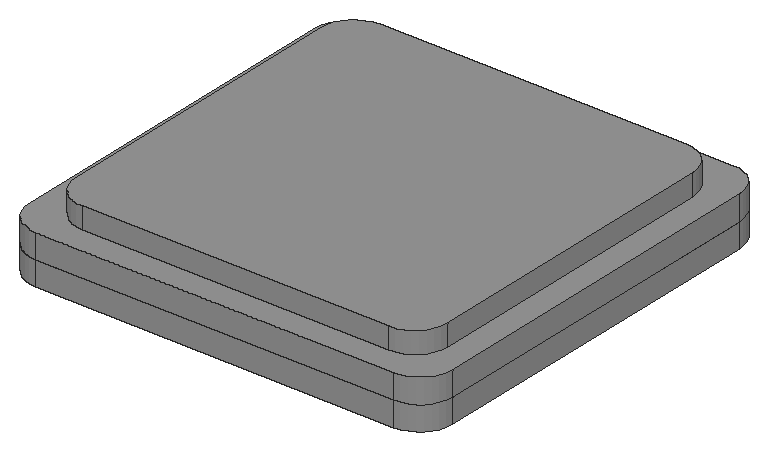
Revit family "FMS2_63_UN_Surface-mounted_ETK", category Lighting Fixtures, Revit 2019 (continued)
Definition of nested family "FMS.2 - Lightsource"
  Types (14, lengths in mm): name | Wattage Comments | Wattage | built-in parameter 1150134 | Photometric Web File | built-in parameter 1150142 | built-in parameter 1150105 | Lumens | built-in parameter 1150107 | built-in parameter 1150106 | Apparent Load
    FMS.1410.10 - Ø400 / 38W / 2800lm / 4000K | "38W" | 18.8499 W | 12 | "FMS.1410.10.ies" | "IESNA:LM-63-2002\r\n[TEST] /2015\r\n[TESTLAB] ies2eulumdat.appspot.com\r\n[ISSUEDATE] 2021-10-05T13:47:42.140\r\n[MANUFAC] www.etk.nl\r\n[LUMCAT] FMS.1410.10\r\n[LUMINAIRE] FMS.1 LED 38W 4000K 2800lm ø400 Ledeshi Slice circle IV niet dimbaar\r\n[LAMPCAT] LED\r\n[LAMP] LED\r\nTILT=NONE\r\n1\t2862\t1\t181\t72\t1\t2\t-0.400\t-0.400\t0\r\n1.0\t1.0\t15.60\r\n0\t 0.5\t 1\t 1.5\t 2\t 2.5\t 3\t 3.5\t 4\t 4.5\r\n5\t 5.5\t 6\t 6.5\t 7\t 7.5\t 8\t 8.5\t 9\t 9.5\r\n10\t 10.5\t 11\t 11.5\t 12\t 12.5\t 13\t 13.5\t 14\t 14.5\r\n15\t 15.5\t 16\t 16.5\t 17\t 17.5\t 18\t 18.5\t 19\t 19.5\r\n20\t 20.5\t 21\t 21.5\t 22\t 22.5\t 23\t 23.5\t 24\t 24.5\r\n25\t 25.5\t 26\t 26.5\t 27\t 27.5\t 28\t 28.5\t 29\t 29.5\r\n30\t 30.5\t 31\t 31.5\t 32\t 32.5\t 33\t 33.5\t 34\t 34.5\r\n35\t 35.5\t 36\t 36.5\t 37\t 37.5\t 38\t 38.5\t 39\t 39.5\r\n40\t 40.5\t 41\t 41.5\t 42\t 42.5\t 43\t 43.5\t 44\t 44.5\r\n45\t 45.5\t 46\t 46.5\t 47\t 47.5\t 48\t 48.5\t 49\t 49.5\r\n50\t 50.5\t 51\t 51.5\t 52\t 52.5\t 53\t 53.5\t 54\t 54.5\r\n55\t 55.5\t 56\t 56.5\t 57\t 57.5\t 58\t 58.5\t 59\t 59.5\r\n60\t 60.5\t 61\t 61.5\t 62\t 62.5\t 63\t 63.5\t 64\t 64.5\r\n65\t 65.5\t 66\t 66.5\t 67\t 67.5\t 68\t 68.5\t 69\t 69.5\r\n70\t 70.5\t 71\t 71.5\t 72\t 72.5\t 73\t 73.5\t 74\t 74.5\r\n75\t 75.5\t 76\t 76.5\t 77\t 77.5\t 78\t 78.5\t 79\t 79.5\r\n80\t 80.5\t 81\t 81.5\t 82\t 82.5\t 83\t 83.5\t 84\t 84.5\r\n85\t 85.5\t 86\t 86.5\t 87\t 87.5\t 88\t 88.5\t 89\t 89.5\r\n90\r\n0\t 5\t 10\t 15\t 20\t 25\t 30\t 35\t 40\t 45\r\n50\t 55\t 60\t 65\t 70\t 75\t 80\t 85\t 90\t 95\r\n100\t 105\t 110\t 115\t 120\t 125\t 130\t 135\t 140\t 145\r\n150\t 155\t 160\t 165\t 170\t 175\t 180\t 185\t 190\t 195\r\n200\t 205\t 210\t 215\t 220\t 225\t 230\t 235\t 240\t 245\r\n250\t 255\t 260\t 265\t 270\t 275\t 280\t 285\t 290\t 295\r\n300\t 305\t 310\t 315\t 320\t 325\t 330\t 335\t 340\t 345\r\n350\t 355\r\n985.1004\t984.2418\t983.3832\t983.6694\t983.6694\t983.6694\t983.6694\t983.097\t982.2384\t981.3798\r\n980.5212\t979.9488\t979.3764\t978.2316\t976.8006\t975.6558\t974.511\t972.7938\t971.0766\t969.6456\r\n968.2146\t966.2112\t964.2078\t962.4906\t960.4872\t958.4838\t956.4804\t954.477\t952.4736\t950.184\r\n947.8944\t945.0324\t942.4566\t939.5946\t936.7326\t933.8706\t930.7224\t927.288\t923.8536\t920.9916\r\n918.4158\t914.6952\t910.9746\t907.254\t903.5334\t899.8128\t896.0922\t891.7992\t887.5062\t883.4994\r\n879.2064\t875.1996\t870.9066\t866.8998\t862.6068\t857.7414\t853.1622\t848.0106\t842.859\t837.9936\r\n833.1282\t828.549\t823.9698\t819.1044\t813.9528\t808.515\t803.0772\t797.9256\t792.774\t787.05\r\n781.326\t775.602\t770.1642\t764.154\t758.1438\t752.706\t746.982\t740.9718\t734.9616\t728.6652\r\n722.655\t716.6448\t710.6346\t704.3382\t698.328\t692.0316\t685.7352\t678.8664\t672.2838\t665.415\r\n658.5462\t651.9636\t645.381\t638.7984\t632.502\t625.347\t618.192\t611.3232\t604.1682\t597.5856\r\n590.7168\t583.5618\t576.4068\t568.9656\t561.5244\t554.3694\t546.9282\t539.487\t532.0458\t524.6046\r\n517.1634\t510.0084\t502.5672\t495.126\t487.6848\t480.2436\t472.8024\t465.075\t457.0614\t449.334\r\n441.3204\t433.8792\t426.1518\t418.1382\t410.1246\t402.3972\t394.3836\t386.37\t378.3564\t370.629\r\n362.6154\t354.6018\t346.5882\t338.5746\t330.8472\t322.5474\t314.5338\t306.8064\t298.7928\t291.0654\r\n283.0804\t275.0096\t266.9387\t258.9824\t251.0546\t243.3272\t235.6285\t227.8152\t220.0019\t212.4176\r\n204.8333\t197.3349\t189.8651\t182.5384\t175.2116\t167.8563\t160.5296\t153.6608\t146.792\t139.9232\r\n133.0544\t126.4432\t119.8319\t113.4783\t107.1247\t100.9427\t94.7608\t88.9223\t83.0552\t77.3885\r\n71.7503\t66.4556\t61.1609\t56.5245\t51.8594\t47.223\t42.5866\t39.8677\t37.1488\t36.4046\r\n35.6319\r\n985.1004\t984.2418\t983.3832\t983.3832\t983.3832\t983.3832\t983.3832\t982.5246\t981.666\t980.8074\r\n979.9488\t979.3764\t978.804\t977.373\t975.942\t974.7972\t973.6524\t971.9352\t970.218\t968.5008\r\n967.0698\t965.0664\t963.3492\t961.3458\t959.3424\t957.0528\t955.0494\t953.046\t951.0426\t948.753\r\n946.4634\t943.6014\t940.7394\t937.8774\t935.0154\t931.8672\t928.719\t925.5708\t922.1364\t918.9882\r\n916.1262\t912.6918\t908.9712\t905.2506\t901.53\t897.8094\t893.8026\t889.5096\t885.5028\t881.2098\r\n877.203\t872.91\t868.617\t864.324\t860.031\t855.4518\t850.8726\t846.0072\t840.8556\t835.9902\r\n831.1248\t826.5456\t821.6802\t816.8148\t811.6632\t806.5116\t801.0738\t795.636\t790.4844\t785.0466\r\n779.3226\t773.5986\t768.1608\t762.4368\t756.7128\t750.7026\t744.9786\t738.9684\t732.9582\t726.948\r\n720.9378\t714.6414\t708.6312\t702.621\t696.6108\t690.3144\t684.018\t677.4354\t670.8528\t664.2702\r\n657.4014\t650.8188\t644.2362\t637.6536\t631.071\t624.4884\t617.3334\t610.4646\t603.5958\t596.727\r\n589.8582\t582.9894\t575.8344\t568.6794\t561.5244\t554.3694\t546.9282\t539.7732\t532.332\t524.8908\r\n517.4496\t510.2946\t503.1396\t495.9846\t488.2572\t480.5298\t472.8024\t465.3612\t457.6338\t450.1926\r\n442.4652\t434.7378\t427.0104\t419.283\t411.2694\t403.542\t395.8146\t388.0872\t380.0736\t372.06\r\n364.0464\t356.0328\t347.733\t339.7194\t331.4196\t323.406\t315.1062\t307.0926\t299.079\t291.0654\r\n283.0232\t275.0668\t267.0818\t259.0682\t251.1977\t243.4417\t235.6571\t227.8724\t220.2023\t212.6466\r\n205.1768\t197.7928\t190.4089\t183.0249\t175.4978\t168.3142\t161.1878\t154.0615\t146.9923\t140.238\r\n133.684\t127.2731\t120.9767\t114.6803\t107.6971\t100.5134\t92.9864\t85.1445\t76.9592\t68.4018\r\n60.1306\t52.4318\t45.5058\t39.8677\t35.0595\t31.7968\t29.0779\t26.4964\t24.0866\t3.3772\r\n0\r\n985.1004\t984.2418\t983.097\t983.097\t983.097\t983.097\t983.097\t982.2384\t981.3798\t980.235\r\n979.3764\t978.804\t977.9454\t976.8006\t975.3696\t973.9386\t972.7938\t971.0766\t969.3594\t967.6422\r\n966.2112\t964.494\t962.4906\t960.4872\t958.4838\t956.1942\t954.1908\t951.9012\t949.8978\t947.6082\r\n945.3186\t942.7428\t939.8808\t937.0188\t933.8706\t931.0086\t927.8604\t924.7122\t921.2778\t918.1296\r\n914.9814\t911.8332\t908.1126\t904.392\t900.6714\t897.237\t893.2302\t889.2234\t884.9304\t880.9236\r\n876.6306\t872.3376\t868.3308\t864.0378\t859.4586\t855.1656\t850.5864\t846.0072\t841.1418\t836.5626\r\n831.6972\t826.8318\t821.9664\t817.101\t812.2356\t807.3702\t801.9324\t796.4946\t791.343\t786.1914\r\n780.7536\t775.3158\t769.5918\t764.154\t758.7162\t752.9922\t747.2682\t741.258\t735.2478\t729.2376\r\n723.2274\t717.2172\t711.4932\t705.1968\t699.4728\t693.4626\t687.4524\t681.156\t674.8596\t668.5632\r\n662.2668\t655.398\t648.5292\t641.6604\t634.5054\t627.6366\t620.7678\t613.6128\t606.4578\t599.3028\r\n591.8616\t584.9928\t577.8378\t570.3966\t563.2416\t555.8004\t548.3592\t540.918\t533.4768\t525.7494\r\n518.3082\t510.5808\t503.1396\t495.4122\t487.971\t480.5298\t472.8024\t465.075\t457.3476\t449.6202\r\n441.8928\t434.1654\t426.438\t418.4244\t410.697\t402.9696\t395.5284\t387.801\t380.3598\t372.3462\r\n364.3326\t356.0328\t347.733\t339.7194\t331.4196\t323.406\t315.3924\t307.3788\t299.3652\t291.6378\r\n283.6242\t275.8109\t268.1122\t260.4706\t252.9436\t245.4451\t237.9753\t230.2479\t222.2629\t214.4497\r\n206.6936\t198.9949\t191.3819\t183.8835\t176.5282\t169.2873\t162.3326\t155.378\t148.2802\t141.2969\r\n134.4854\t127.7883\t121.1198\t114.5086\t106.9816\t98.9393\t90.983\t83.1983\t75.614\t68.5449\r\n62.134\t55.9521\t50.085\t44.7331\t40.4687\t36.376\t32.4265\t21.7541\t4.4819\t0\r\n0\r\n985.1004\t983.9556\t983.097\t983.097\t983.097\t982.8108\t982.5246\t981.9522\t980.8074\t979.9488\r\n979.0902\t978.2316\t977.373\t976.2282\t974.7972\t973.3662\t972.2214\t970.7904\t968.787\t967.0698\r\n965.6388\t963.9216\t961.9182\t959.9148\t957.9114\t955.908\t953.6184\t951.3288\t949.3254\t947.0358\r\n944.7462\t942.4566\t939.5946\t936.7326\t933.5844\t930.7224\t927.5742\t924.426\t921.2778\t918.1296\r\n914.9814\t911.8332\t908.3988\t904.6782\t901.2438\t897.8094\t894.0888\t890.082\t886.0752\t881.7822\r\n877.7754\t873.7686\t869.4756\t865.4688\t861.1758\t856.5966\t852.3036\t847.7244\t843.4314\t838.8522\r\n834.273\t829.6938\t824.8284\t819.963\t815.3838\t810.5184\t805.653\t800.5014\t795.0636\t789.6258\r\n783.9018\t778.464\t772.4538\t766.7298\t760.7196\t754.9956\t748.9854\t742.9752\t736.3926\t730.0962\r\n723.7998\t717.2172\t710.9208\t704.6244\t698.328\t692.0316\t685.7352\t679.4388\t672.8562\t666.2736\r\n659.691\t652.8222\t646.2396\t639.3708\t632.7882\t625.9194\t619.0506\t612.1818\t605.313\t598.4442\r\n591.8616\t584.7066\t577.8378\t570.6828\t563.814\t556.659\t549.504\t542.0628\t534.9078\t527.7528\r\n520.3116\t512.8704\t505.143\t497.1294\t489.402\t481.3884\t473.661\t466.2198\t458.4924\t450.765\r\n443.0376\t435.3102\t427.2966\t419.5692\t411.8418\t404.1144\t396.387\t388.6596\t381.2184\t373.491\r\n366.0498\t358.3224\t350.3088\t342.009\t333.9954\t325.6956\t317.3958\t309.096\t301.0824\t293.0688\r\n285.0552\t277.1275\t269.3142\t261.6154\t253.9739\t246.3896\t238.6336\t230.62\t222.8067\t215.1365\r\n207.5522\t200.0824\t192.6985\t185.429\t178.2454\t171.2048\t164.0785\t156.9521\t149.9974\t143.1286\r\n136.4315\t129.7917\t123.295\t116.8555\t110.0439\t103.1751\t96.3349\t89.552\t82.7977\t76.072\r\n69.9759\t64.166\t58.4707\t52.9184\t47.452\t39.5528\t23.0963\t6.6627\t0\t0\r\n0\r\n985.1004\t983.9556\t983.097\t982.8108\t982.8108\t982.5246\t982.2384\t981.666\t980.5212\t979.6626\r\n978.5178\t977.6592\t976.8006\t975.942\t974.511\t973.08\t971.649\t970.5042\t968.5008\t966.7836\r\n965.0664\t963.6354\t961.632\t959.9148\t957.9114\t955.908\t953.6184\t951.3288\t949.3254\t947.0358\r\n944.7462\t942.4566\t940.167\t937.305\t934.443\t931.2948\t928.1466\t925.2846\t922.1364\t918.9882\r\n916.1262\t912.978\t909.5436\t906.1092\t902.6748\t899.2404\t895.806\t892.6578\t888.651\t884.358\r\n880.6374\t876.6306\t872.6238\t868.3308\t864.324\t860.031\t855.1656\t850.014\t844.8624\t839.997\r\n835.1316\t830.2662\t825.1146\t819.6768\t814.5252\t809.0874\t803.9358\t798.498\t793.0602\t787.3362\r\n781.6122\t775.8882\t770.4504\t764.7264\t759.0024\t753.2784\t747.2682\t741.5442\t735.534\t729.81\r\n723.7998\t717.5034\t711.4932\t705.1968\t698.9004\t692.604\t686.3076\t680.2974\t674.2872\t667.9908\r\n661.6944\t655.1118\t648.5292\t641.9466\t635.364\t628.4952\t621.3402\t614.1852\t607.0302\t599.8752\r\n592.7202\t585.5652\t578.4102\t571.2552\t564.1002\t556.9452\t549.504\t542.0628\t534.6216\t527.4666\r\n520.0254\t512.5842\t505.4292\t498.2742\t490.833\t483.678\t476.2368\t469.0818\t461.6406\t454.1994\r\n445.8996\t437.5998\t429.8724\t421.8588\t414.1314\t405.8316\t397.5318\t389.5182\t381.5046\t373.7772\r\n365.7636\t357.75\t350.0226\t342.2952\t334.5678\t326.8404\t318.8268\t310.8132\t302.5134\t294.4998\r\n286.4862\t278.6157\t270.7452\t262.9606\t255.2332\t247.563\t240.0073\t232.5947\t225.2394\t217.4834\r\n209.8132\t202.2003\t194.7019\t187.2893\t180.0198\t172.8076\t165.7098\t158.7265\t151.915\t145.2751\r\n138.6925\t132.2244\t125.7849\t119.4313\t113.1349\t106.9243\t100.7996\t94.7322\t88.6361\t82.5973\r\n76.6157\t70.6628\t64.7671\t58.9286\t43.1876\t26.3733\t9.5934\t0\t0\t0\r\n0\r\n985.1004\t983.9556\t983.097\t982.8108\t982.5246\t982.2384\t981.9522\t981.3798\t980.235\t979.3764\r\n978.2316\t977.373\t976.5144\t975.3696\t974.2248\t972.7938\t971.3628\t970.218\t968.5008\t966.7836\r\n965.0664\t963.3492\t961.632\t959.9148\t958.1976\t956.1942\t954.1908\t951.9012\t949.6116\t947.6082\r\n945.3186\t943.029\t940.7394\t938.4498\t935.5878\t932.7258\t929.8638\t926.7156\t923.8536\t920.7054\r\n917.8434\t914.9814\t911.8332\t908.685\t905.2506\t901.8162\t897.8094\t893.8026\t889.7958\t885.789\r\n880.9236\t876.3444\t871.7652\t867.186\t862.6068\t857.7414\t853.1622\t848.2968\t843.7176\t838.566\r\n833.7006\t828.549\t823.6836\t818.8182\t813.6666\t808.8012\t803.3634\t797.9256\t792.774\t787.6224\r\n782.1846\t776.7468\t771.0228\t765.585\t760.4334\t754.7094\t748.9854\t743.2614\t737.5374\t732.0996\r\n726.3756\t720.6516\t714.3552\t707.7726\t701.4762\t694.8936\t688.311\t681.4422\t674.8596\t667.9908\r\n661.4082\t654.8256\t648.243\t641.6604\t634.7916\t628.209\t621.054\t614.1852\t607.6026\t600.7338\r\n593.865\t586.9962\t580.1274\t573.2586\t566.3898\t559.521\t552.9384\t546.3558\t539.2008\t531.1872\r\n523.1736\t515.4462\t507.4326\t499.7052\t491.6916\t483.678\t475.9506\t468.2232\t460.782\t453.0546\r\n445.3272\t437.886\t430.1586\t422.4312\t414.7038\t406.9764\t399.5352\t391.5216\t383.508\t375.4944\r\n367.4808\t359.4672\t351.4536\t343.44\t335.4264\t327.4128\t319.6854\t311.958\t304.2306\t296.5032\r\n288.7758\t281.2487\t273.1493\t265.1357\t257.2079\t249.3661\t241.61\t233.9685\t226.3842\t218.8571\r\n211.3587\t203.9175\t196.5622\t189.2927\t182.1663\t175.1258\t168.1425\t161.2165\t154.4049\t147.622\r\n140.9249\t134.3137\t127.7597\t121.4633\t115.4531\t109.5001\t103.5758\t97.7087\t91.8702\t86.0603\r\n80.2791\t74.5551\t63.0785\t46.3358\t29.5931\t12.8275\t0\t0\t0\t0\r\n0\r\n985.1004\t983.9556\t983.097\t982.5246\t982.2384\t981.9522\t981.666\t981.0936\t980.235\t979.0902\r\n978.2316\t977.0868\t976.2282\t975.0834\t973.9386\t972.7938\t971.3628\t969.9318\t968.5008\t967.0698\r\n965.3526\t963.6354\t961.9182\t960.201\t958.4838\t956.7666\t954.7632\t952.7598\t950.7564\t948.4668\r\n946.1772\t944.1738\t941.8842\t939.5946\t937.305\t935.0154\t932.1534\t929.2914\t926.4294\t923.2812\r\n919.2744\t915.5538\t911.8332\t908.1126\t904.392\t900.3852\t896.3784\t892.0854\t887.7924\t883.4994\r\n879.4926\t875.4858\t870.9066\t866.3274\t861.7482\t857.4552\t852.876\t848.2968\t843.4314\t838.8522\r\n834.273\t829.6938\t824.8284\t819.6768\t814.8114\t809.6598\t804.7944\t799.929\t795.3498\t789.912\r\n784.4742\t779.3226\t774.4572\t768.7332\t762.4368\t756.1404\t750.1302\t744.12\t738.1098\t731.8134\r\n725.517\t719.2206\t712.9242\t706.6278\t700.3314\t694.3212\t688.0248\t681.7284\t675.1458\t668.8494\r\n662.553\t656.2566\t649.9602\t643.6638\t637.3674\t630.7848\t624.4884\t617.9058\t611.6094\t604.4544\r\n597.0132\t589.572\t582.1308\t574.6896\t567.2484\t559.8072\t552.0798\t544.6386\t537.1974\t529.7562\r\n522.315\t514.8738\t507.4326\t499.9914\t492.8364\t485.3952\t477.954\t470.5128\t463.0716\t455.3442\r\n447.3306\t439.317\t431.3034\t423.2898\t415.2762\t407.5488\t399.8214\t392.094\t384.3666\t376.6392\r\n368.9118\t361.1844\t353.457\t345.7296\t338.2884\t330.2748\t322.2612\t314.2476\t306.234\t298.2204\r\n290.2068\t282.136\t274.2368\t266.4522\t258.7248\t251.0546\t243.4131\t235.8002\t228.3017\t220.8892\r\n213.5338\t206.2357\t198.9662\t191.7254\t184.5704\t177.444\t170.3749\t163.363\t156.4083\t149.4823\r\n142.8997\t136.5746\t130.2782\t124.0105\t117.7999\t111.6466\t105.4933\t99.3973\t93.3298\t87.2624\r\n80.4508\t64.3378\t48.2247\t32.1116\t15.9757\t0\t0\t0\t0\t0\r\n0\r\n985.1004\t983.9556\t982.8108\t982.2384\t981.9522\t981.666\t981.3798\t980.8074\t979.9488\t979.0902\r\n977.9454\t977.0868\t975.942\t974.7972\t973.9386\t972.7938\t971.3628\t969.9318\t968.787\t967.356\r\n965.925\t963.9216\t962.2044\t960.7734\t959.0562\t957.339\t955.6218\t953.9046\t951.9012\t950.184\r\n947.8944\t945.891\t943.6014\t941.3118\t939.3084\t936.1602\t933.012\t929.5776\t925.857\t922.1364\r\n918.4158\t914.409\t910.6884\t906.9678\t902.961\t899.2404\t895.5198\t891.7992\t887.5062\t883.4994\r\n879.2064\t874.9134\t870.6204\t866.3274\t862.3206\t858.0276\t853.7346\t849.4416\t845.1486\t840.5694\r\n836.2764\t831.6972\t827.118\t822.5388\t817.9596\t813.3804\t807.6564\t801.9324\t795.9222\t790.1982\r\n784.188\t778.7502\t773.0262\t767.3022\t761.292\t755.2818\t749.5578\t743.8338\t738.1098\t732.0996\r\n726.0894\t720.0792\t714.069\t708.345\t702.3348\t696.3246\t690.3144\t684.3042\t678.0078\t671.9976\r\n665.9874\t659.4048\t652.2498\t645.0948\t637.9398\t631.071\t623.916\t616.761\t609.8922\t602.7372\r\n595.5822\t588.7134\t581.5584\t574.4034\t567.2484\t560.0934\t552.9384\t545.7834\t538.9146\t531.7596\r\n524.8908\t517.7358\t510.2946\t502.281\t494.5536\t486.8262\t479.0988\t471.3714\t463.644\t455.9166\r\n448.1892\t440.4618\t432.7344\t425.007\t417.5658\t409.8384\t402.3972\t394.956\t387.5148\t379.7874\r\n371.4876\t363.474\t355.1742\t347.1606\t339.147\t331.1334\t323.1198\t315.1062\t307.3788\t299.6514\r\n291.6378\t284.0249\t276.3261\t268.6273\t260.9858\t253.4015\t245.8458\t238.3474\t230.8775\t223.4077\r\n215.9665\t208.5826\t201.2272\t193.9005\t186.6024\t179.3902\t172.2065\t165.395\t158.7838\t152.2298\r\n145.7044\t139.1791\t132.7109\t126.2428\t119.8033\t113.3924\t107.0102\t100.6565\t94.3315\t82.8263\r\n67.0567\t51.3157\t35.546\t19.7793\t4.0125\t0\t0\t0\t0\t0\r\n0\r\n985.1004\t983.9556\t982.8108\t982.2384\t981.9522\t981.3798\t981.0936\t980.5212\t979.9488\t978.804\r\n977.9454\t976.8006\t975.942\t974.7972\t973.6524\t972.7938\t971.3628\t970.218\t968.787\t967.6422\r\n966.2112\t964.7802\t963.063\t961.632\t959.9148\t958.1976\t956.7666\t955.0494\t953.3322\t951.9012\r\n949.8978\t947.6082\t944.46\t941.0256\t937.8774\t934.7292\t931.2948\t928.1466\t924.7122\t921.564\r\n918.1296\t914.409\t910.6884\t906.6816\t902.961\t899.2404\t895.5198\t891.7992\t888.0786\t884.0718\r\n880.3512\t876.3444\t872.3376\t868.617\t864.0378\t859.7448\t855.4518\t851.1588\t846.8658\t842.859\r\n837.7074\t832.5558\t827.4042\t822.2526\t816.8148\t811.377\t806.2254\t800.7876\t795.3498\t789.912\r\n784.4742\t778.7502\t773.3124\t767.5884\t761.8644\t756.1404\t750.7026\t744.9786\t739.5408\t733.8168\r\n728.379\t722.9412\t717.2172\t711.7794\t705.7692\t698.9004\t692.0316\t685.1628\t678.5802\t671.7114\r\n664.8426\t658.26\t651.3912\t644.5224\t637.9398\t631.071\t624.2022\t617.3334\t610.4646\t603.5958\r\n596.727\t589.8582\t582.9894\t576.1206\t569.538\t562.6692\t555.228\t547.5006\t540.0594\t532.332\r\n524.8908\t517.4496\t510.0084\t502.5672\t495.126\t487.3986\t479.9574\t472.5162\t465.075\t457.6338\r\n450.1926\t443.0376\t435.5964\t428.1552\t420.1416\t412.128\t404.1144\t396.1008\t388.3734\t380.3598\r\n372.3462\t364.3326\t356.319\t348.5916\t340.578\t332.8506\t325.1232\t317.3958\t309.6684\t301.941\r\n294.2136\t286.2\t278.5585\t270.8311\t263.1895\t255.548\t247.9637\t240.3794\t232.8523\t225.3539\r\n217.9127\t210.4715\t203.0875\t195.7322\t188.5486\t181.7084\t174.8682\t168.0853\t161.3309\t154.5766\r\n147.8795\t141.1825\t134.514\t127.8455\t121.2343\t114.6231\t108.0405\t101.4579\t86.5183\t70.949\r\n55.4083\t39.8677\t24.3012\t8.7491\t0\t0\t0\t0\t0\t0\r\n0\r\n985.1004\t983.9556\t982.8108\t981.9522\t981.666\t981.0936\t9
